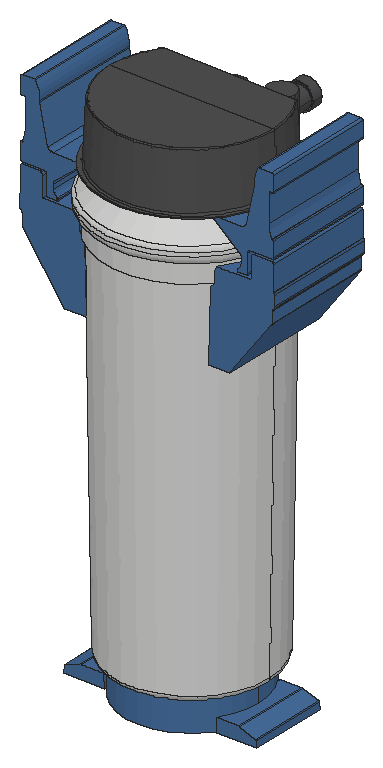
Revit family "DefaultType", category Specialty Equipment, Revit 2018
Family settings
  Round Connector Dimension = Use Diameter
  Part Type = Normal
  OmniClass Number = 23.40.40.14.24
  OmniClass Title = Food Dispensing Equipment
  Work Plane-Based = No
  Always vertical = Yes
  Cut with Voids When Loaded = No
  Shared = No
  Room Calculation Point = No
Parameters (values of type "DefaultType")
  Width = 0' - 9 205/256"  # constant formula
  Weight in Pounds = 26
  URL Cutsheet = "www.vivreauwater.com/purity_quell_st_spec-sheet_vivreau"
  URL = "www.vivreauwater.com/professional-filters"
  Status = ""
  Specification by User [instance] = ""
  Specification by Manufacturer = "Purity Quell ST 600 water filtration kit, includes 1 MDU filter head, vessel, filter cartridge. Capacity of 1940 gallons for coffee, espresso, vending.   Max operating pressure 100 psi, water intake temp 39-86 degrees Fahrenheit, Nominal flow 120 l/h.   Dimensions h/w  20.4/9.8in, weight dry/wet 26/33lbs, connection G1”, position horizontal and vertical.  Technology, decarbonization.  Systematic filter system, pre-filter, carbonate hardness reduction, activated carbon filtration and fine filtration."
  Serial Number [instance] = ""
  Seismic Rating = ""
  SMACNA No = ""
  Revision Code = ""
  Plumbing Remarks = ""
  Plumbing Connection Type = "NPT"
  NAFEM Spec ID Number = ""
  Mounting Height [instance] = 3' - 0"
  Model = "PURITY 600 Quell ST"
  Masterspec = "Division 11"
  Manufacturer = "Vivreau"
  KCLRef = "KCL2C9,,78231ec1-364d-4268-80cb-1ddd86d2b1f2,VI,PURITY 600 QUELL ST,637475599480000000,8e114d0b-1a72-44e3-9316-f1a5b439c265,f091dbfa-86dd-40d3-9bec-e4dba1ab7b32"
  KCL SpecSheet URL = "http://kclweb.kclcad.com/imagehandler.ashx?kdoc=mfr_purity_quell_st_spec%20sheet&R=VI&M=PURITY%20600%20QUELL%20ST&VC=7&TID=KCLWeb&T=doc"
  Item Number [instance] = ""
  Installed By [instance] = ""
  Identify Quantity as Lot = yes
  Height = 1' - 8 15/32"  # constant formula
  Furnished By [instance] = ""
  Foodservice Equipment Identifier = yes
  Description = "Water Filter"
  Depth = 0' - 8 189/256"  # constant formula
  Cold Water Temperature Recommended = 40 °F
  Cold Water Size = 1"
  Cold Water RI Height = 0' - 0"
  Cold Water Minimum Pressure = 29.00 psi
  Cold Water Maximum Pressure = 100.00 psi
  Cold Water Flow = 0.528 GPM
  Cold Water Connection Height = 1' - 9"
  CSI MasterFormat = "11 46 00"
  Assembly Code = "E1090320"
Reference planes (in)
  plane 1 "REF. LAYER": z = 0
  plane 2 "Center (Left/Right)": x = 3.40508
  plane 3 "Center (Front/Back)": y = -4.37586
  plane 4 "Center F/C": z = 56.46875
  plane 5 "Center F/X": x = -1.49531
  plane 6 "Center F/Y": x = 8.30547
  plane 7 "Center F/Z": z = 36
  plane 8 "Center F/AA": y = -8.745
  plane 9 "Center F/BB": y = -0.00672
  plane 10 "Center F/CC": z = 37.31266
  plane 11 "Center F/DD": z = 54.22322
  plane 12 "Center F/EE": z = 54.19172
  plane 13 "Center F/FF": y = -2.87586
  plane 14 "Center F/GG": y = -5.87586
  plane 15 "Center F/HH": z = 54.89788
  plane 16 "Center F/II": z = 54.27904
  plane 17 "Center F/KK": z = 55.51673
Forms (in)
  Revolve 1, solid, material "QF_Plastic-Blue-Vivreau"
    sketch origin (0, -4.37586, 0) x (1, 0, 0) y (0, 0, 1)
      loop
        line (3.40508, 36) -> (5.97445, 36) -> (5.97445, 37.31266) -> (3.40508, 37.31266) -> (3.40508, 36)
      axis (3.40508, 36) -> (3.40508, 37.31266)
    angle from 0 to 360
  Revolve 2, solid, material "QF_Plastic-Grey-Vivreau"
    sketch origin (0, -4.37586, 0) x (1, 0, 0) y (0, 0, 1)
      loop
        line (3.40508, 37.31266) -> (6.19553, 37.31266)
        arc (6.19553, 37.31266) -> (6.33366, 37.36926) -> (6.39235, 37.50651) r 0.19685
        line (6.39235, 37.50651) -> (6.61147, 51.86967) -> (6.73332, 51.86967) -> (6.75359, 52.67794) -> (6.88764, 52.67794)
        arc (6.88764, 52.67794) -> (6.98029, 52.80209) -> (7.01288, 52.95353) r 0.36376
        line (7.01288, 52.95353) -> (7.01247, 53.11101)
        arc (7.01247, 53.11101) -> (6.98747, 53.21075) -> (6.91877, 53.28725) r 0.21362
        line (6.91877, 53.28725) -> (6.01481, 54.04576)
        arc (6.01481, 54.04576) -> (5.94197, 54.09128) -> (5.85941, 54.11495) r 0.30856
        line (5.85941, 54.11495) -> (5.19074, 54.11495) -> (5.19074, 54.19172) -> (3.40508, 54.19172) -> (3.40508, 37.31266)
      axis (3.40508, 37.31266) -> (3.40508, 54.19172)
    angle from 0 to 360
  Extrusion 3, solid, material "QF_Plastic-Blue-Vivreau"
    sketch origin (0, 0, 0) x (1, 0, 0) y (0, 0, 1)
      loop
        line (-0.29307, 36) -> (1.2572, 36) -> (1.24125, 36.48689)
        arc (1.24125, 36.48689) -> (1.22919, 36.51409) -> (1.20161, 36.52526) r 0.03967
        line (1.20161, 36.52526) -> (0.38192, 36.52526)
        arc (0.38192, 36.52526) -> (0.36537, 36.52381) -> (0.34932, 36.51951) r 0.0953
        line (0.34932, 36.51951) -> (-0.26064, 36.2975)
        arc (-0.26064, 36.2975) -> (-0.28068, 36.28227) -> (-0.28856, 36.25836) r 0.04244
        line (-0.28856, 36.25836) -> (-0.29307, 36)
      loop
        line (7.10322, 36) -> (7.09871, 36.25836)
        arc (7.09871, 36.25836) -> (7.09083, 36.28227) -> (7.0708, 36.2975) r 0.04244
        line (7.0708, 36.2975) -> (6.46083, 36.51951)
        arc (6.46083, 36.51951) -> (6.44479, 36.52381) -> (6.42824, 36.52526) r 0.0953
        line (6.42824, 36.52526) -> (5.60855, 36.52526)
        arc (5.60855, 36.52526) -> (5.58096, 36.51409) -> (5.5689, 36.48689) r 0.03967
        line (5.5689, 36.48689) -> (5.55296, 36) -> (7.10322, 36)
    from 2.87586 to 5.87586
  Revolve 4, solid, material "QF_Plastic-Black-Vivreau"
    sketch origin (0, -4.37586, 0) x (1, 0, 0) y (0, 0, 1)
      loop
        line (-0.05949, 54.19172) -> (3.40508, 54.19172) -> (3.40508, 56.43582) -> (0.27485, 56.43582)
        arc (0.27485, 56.43582) -> (0.24813, 56.42475) -> (0.23706, 56.39803) r 0.03779
        line (0.23706, 56.39803) -> (0.1404, 54.28234)
        arc (0.1404, 54.28234) -> (0.12309, 54.24053) -> (0.08128, 54.22322) r 0.05912
        line (0.08128, 54.22322) -> (-0.05949, 54.22322) -> (-0.05949, 54.19172)
      axis (3.40508, 54.19172) -> (3.40508, 56.43582)
    angle from 0 to 360
  Extrusion 5, solid, material "QF_Plastic-Blue-Vivreau"
    sketch origin (0, 0, 0) x (1, 0, 0) y (0, 0, 1)
      loop
        arc (7.7262, 56.46875) -> (7.70259, 56.46603) -> (7.68354, 56.45183) r 0.04574
        arc (7.68354, 56.45183) -> (7.54403, 56.13793) -> (7.5313, 55.79466) r 0.90671
        arc (7.5313, 55.79466) -> (7.53617, 55.77748) -> (7.53673, 55.75963) r 0.07316
        line (7.53673, 55.75963) -> (7.21801, 54.33754)
        arc (7.21801, 54.33754) -> (7.14963, 54.22746) -> (7.02764, 54.18375) r 0.19685
        line (7.02764, 54.18375) -> (5.77764, 54.18375) -> (5.77764, 54.11866) -> (5.81752, 54.11866)
        arc (5.81752, 54.11866) -> (5.91966, 54.0996) -> (6.00952, 54.04744) r 0.30579
        line (6.00952, 54.04744) -> (6.91816, 53.28725)
        arc (6.91816, 53.28725) -> (6.98728, 53.21087) -> (7.01228, 53.11094) r 0.2122
        line (7.01228, 53.11094) -> (7.01228, 52.95406)
        arc (7.01228, 52.95406) -> (6.97783, 52.80322) -> (6.88703, 52.67794) r 0.38693
        arc (6.88703, 52.67794) -> (6.86734, 52.65513) -> (6.85345, 52.62839) r 0.12975
        arc (6.85345, 52.62839) -> (6.85899, 52.60379) -> (6.88258, 52.59487) r 0.0266
        line (6.88258, 52.59487) -> (7.22586, 52.59487)
        arc (7.22586, 52.59487) -> (7.25843, 52.60836) -> (7.27192, 52.64093) r 0.04606
        line (7.27192, 52.64093) -> (7.27192, 53.37893)
        arc (7.27192, 53.37893) -> (7.30162, 53.45063) -> (7.37332, 53.48033) r 0.1014
        line (7.37332, 53.48033) -> (8.18175, 53.48033)
        arc (8.18175, 53.48033) -> (8.2418, 53.50521) -> (8.26668, 53.56526) r 0.08493
        line (8.26668, 53.56526) -> (8.26668, 54.13032)
        arc (8.26668, 54.13032) -> (8.25535, 54.15767) -> (8.228, 54.169) r 0.03868
        line (8.228, 54.169) -> (8.17737, 54.16988)
        arc (8.17737, 54.16988) -> (8.11082, 54.42962) -> (8.08843, 54.6968) r 1.60535
        line (8.08843, 54.6968) -> (8.08843, 55.64626)
        arc (8.08843, 55.64626) -> (8.08825, 55.70794) -> (8.09701, 55.76899) r 0.42413
        line (8.09701, 55.76899) -> (8.228, 55.77127)
        arc (8.228, 55.77127) -> (8.25535, 55.7826) -> (8.26668, 55.80996) r 0.03868
        line (8.26668, 55.80996) -> (8.26668, 56.38194)
        arc (8.26668, 56.38194) -> (8.24361, 56.43762) -> (8.18793, 56.46069) r 0.07875
        line (8.18793, 56.46069) -> (7.7262, 56.46875)
      loop
        line (7.41305, 53.26515) -> (7.41305, 52.48394) -> (6.74812, 52.48394) -> (6.73272, 51.86967) -> (6.61087, 51.86967) -> (6.56694, 48.99036) -> (8.18624, 51.21912)
        arc (8.18624, 51.21912) -> (8.19742, 51.24108) -> (8.20127, 51.26541) r 0.07874
        line (8.20127, 51.26541) -> (8.20127, 51.69933)
        arc (8.20127, 51.69933) -> (8.2066, 51.72974) -> (8.22434, 51.75501) r 0.07094
        line (8.22434, 51.75501) -> (8.27664, 51.80731)
        arc (8.27664, 51.80731) -> (8.29371, 51.83286) -> (8.2997, 51.86299) r 0.07874
        line (8.2997, 51.86299) -> (8.2997, 52.28562)
        arc (8.2997, 52.28562) -> (8.29538, 52.32493) -> (8.27342, 52.35782) r 0.08328
        arc (8.27342, 52.35782) -> (8.26375, 52.37113) -> (8.26033, 52.38723) r 0.03957
        line (8.26033, 52.38723) -> (8.26033, 53.31719)
        arc (8.26033, 53.31719) -> (8.23946, 53.36758) -> (8.18906, 53.38845) r 0.07127
        line (8.18906, 53.38845) -> (7.53635, 53.38845)
        arc (7.53635, 53.38845) -> (7.44916, 53.35234) -> (7.41305, 53.26515) r 0.1233
    from 2.24988 to 6.50044
  Extrusion 6, solid, material "QF_Plastic-Blue-Vivreau"
    sketch origin (0, 0, 0) x (1, 0, 0) y (0, 0, 1)
      loop
        line (6.56694, 48.99036) -> (6.61087, 51.86967) -> (6.73272, 51.86967) -> (6.74812, 52.48394) -> (6.06942, 52.48394) -> (6.00438, 52.29502) -> (5.9903, 51.85808) -> (5.82155, 51.67878) -> (5.75103, 48.99036) -> (6.56694, 48.99036)
    from 2.24988 to 6.50044
  Extrusion 7, solid, material "QF_Plastic-Blue-Vivreau"
    sketch origin (6.81016, 0, 0) x (-1, 0, 0) y (0, 0, -1)
      loop
        line (7.7262, -56.46875) -> (8.18793, -56.46069)
        arc (8.18793, -56.46069) -> (8.24361, -56.43762) -> (8.26668, -56.38194) r 0.07875
        line (8.26668, -56.38194) -> (8.26668, -55.80996)
        arc (8.26668, -55.80996) -> (8.25535, -55.7826) -> (8.228, -55.77127) r 0.03868
        line (8.228, -55.77127) -> (8.09701, -55.76899)
        arc (8.09701, -55.76899) -> (8.08825, -55.70794) -> (8.08843, -55.64626) r 0.42413
        line (8.08843, -55.64626) -> (8.08843, -54.6968)
        arc (8.08843, -54.6968) -> (8.11082, -54.42962) -> (8.17737, -54.16988) r 1.60535
        line (8.17737, -54.16988) -> (8.228, -54.169)
        arc (8.228, -54.169) -> (8.25535, -54.15767) -> (8.26668, -54.13032) r 0.03868
        line (8.26668, -54.13032) -> (8.26668, -53.56526)
        arc (8.26668, -53.56526) -> (8.2418, -53.50521) -> (8.18175, -53.48033) r 0.08493
        line (8.18175, -53.48033) -> (7.37332, -53.48033)
        arc (7.37332, -53.48033) -> (7.30162, -53.45063) -> (7.27192, -53.37893) r 0.1014
        line (7.27192, -53.37893) -> (7.27192, -52.64093)
        arc (7.27192, -52.64093) -> (7.25843, -52.60836) -> (7.22586, -52.59487) r 0.04606
        line (7.22586, -52.59487) -> (6.88258, -52.59487)
        arc (6.88258, -52.59487) -> (6.85899, -52.60379) -> (6.85345, -52.62839) r 0.0266
        arc (6.85345, -52.62839) -> (6.86734, -52.65513) -> (6.88703, -52.67794) r 0.12975
        arc (6.88703, -52.67794) -> (6.97783, -52.80322) -> (7.01228, -52.95406) r 0.38693
        line (7.01228, -52.95406) -> (7.01228, -53.11094)
        arc (7.01228, -53.11094) -> (6.98728, -53.21087) -> (6.91816, -53.28725) r 0.2122
        line (6.91816, -53.28725) -> (6.00952, -54.04744)
        arc (6.00952, -54.04744) -> (5.91966, -54.0996) -> (5.81752, -54.11866) r 0.30579
        line (5.81752, -54.11866) -> (5.77764, -54.11866) -> (5.77764, -54.18375) -> (7.02764, -54.18375)
        arc (7.02764, -54.18375) -> (7.14963, -54.22746) -> (7.21801, -54.33754) r 0.19685
        line (7.21801, -54.33754) -> (7.53673, -55.75963)
        arc (7.53673, -55.75963) -> (7.53617, -55.77748) -> (7.5313, -55.79466) r 0.07316
        arc (7.5313, -55.79466) -> (7.54403, -56.13793) -> (7.68354, -56.45183) r 0.90671
        arc (7.68354, -56.45183) -> (7.70259, -56.46603) -> (7.7262, -56.46875) r 0.04574
      loop
        arc (7.41305, -53.26515) -> (7.44916, -53.35234) -> (7.53635, -53.38845) r 0.1233
        line (7.53635, -53.38845) -> (8.18906, -53.38845)
        arc (8.18906, -53.38845) -> (8.23946, -53.36758) -> (8.26033, -53.31719) r 0.07127
        line (8.26033, -53.31719) -> (8.26033, -52.38723)
        arc (8.26033, -52.38723) -> (8.26375, -52.37113) -> (8.27342, -52.35782) r 0.03957
        arc (8.27342, -52.35782) -> (8.29538, -52.32493) -> (8.2997, -52.28562) r 0.08328
        line (8.2997, -52.28562) -> (8.2997, -51.86299)
        arc (8.2997, -51.86299) -> (8.29371, -51.83286) -> (8.27664, -51.80731) r 0.07874
        line (8.27664, -51.80731) -> (8.22434, -51.75501)
        arc (8.22434, -51.75501) -> (8.2066, -51.72974) -> (8.20127, -51.69933) r 0.07094
        line (8.20127, -51.69933) -> (8.20127, -51.26541)
        arc (8.20127, -51.26541) -> (8.19742, -51.24108) -> (8.18624, -51.21912) r 0.07874
        line (8.18624, -51.21912) -> (6.56694, -48.99036) -> (6.61087, -51.86967) -> (6.73272, -51.86967) -> (6.74812, -52.48394) -> (7.41305, -52.48394) -> (7.41305, -53.26515)
    from 2.24988 to 6.50044
  Extrusion 8, solid, material "QF_Plastic-Blue-Vivreau"
    sketch origin (6.81016, 0, 0) x (-1, 0, 0) y (0, 0, -1)
      loop
        line (6.56694, -48.99036) -> (5.75103, -48.99036) -> (5.82155, -51.67878) -> (5.9903, -51.85808) -> (6.00438, -52.29502) -> (6.06942, -52.48394) -> (6.74812, -52.48394) -> (6.73272, -51.86967) -> (6.61087, -51.86967) -> (6.56694, -48.99036)
    from 2.24988 to 6.50044
  Extrusion 9, void
    sketch origin (0, 0, 0) x (1, 0, 0) y (0, 1, 0)
      loop
        line (6.34603, -2.54446) -> (6.34603, -2.51065)
        arc (6.34603, -2.51065) -> (3.40508, -0.8933) -> (0.46413, -2.51065) r 3.48256
        line (0.46413, -2.51065) -> (0.46413, -2.54446) -> (6.34603, -2.54446)
    from 54.19172 to 56.46875
  Revolve 10, solid, material "QF_Plastic-Black-Vivreau"
    sketch origin (-16.04659, -180, 54.89788) x (-1, 0, 0) y (0, -1, 0)
      loop
        line (-18.66447, -178.98241) -> (-18.14378, -178.98241) -> (-18.14378, -178.31312) -> (-17.91664, -178.31312) -> (-17.91664, -177.43882) -> (-18.66447, -177.43882) -> (-18.66447, -178.98241)
      axis (-18.66447, -177.43882) -> (-18.66447, -178.98241)
    angle from 0 to 360
  Revolve 11, solid, material "QF_Plastic-Black-Vivreau"
    sketch origin (-16.04659, -180, 54.89788) x (-1, 0, 0) y (0, -1, 0)
      loop
        line (-20.23907, -180.24619) -> (-19.85522, -180.24619)
        arc (-19.85522, -180.24619) -> (-19.82738, -180.23756) -> (-19.8093, -180.21469) r 0.04921
        line (-19.8093, -180.21469) -> (-19.71858, -180.21469) -> (-19.71858, -179.82099) -> (-19.77984, -179.82099)
        arc (-19.77984, -179.82099) -> (-19.79806, -179.81827) -> (-19.80628, -179.80178) r 0.01995
        line (-19.80628, -179.80178) -> (-19.78923, -178.82529) -> (-19.63744, -178.3792)
        arc (-19.63744, -178.3792) -> (-19.62323, -178.35997) -> (-19.60052, -178.35249) r 0.03941
        line (-19.60052, -178.35249) -> (-19.5337, -178.35249) -> (-19.49194, -178.30445) -> (-19.49194, -177.4426) -> (-20.23907, -177.4426) -> (-20.23907, -180.24619)
      axis (-20.23907, -177.4426) -> (-20.23907, -180.24619)
    angle from 0 to 360
  Extrusion 12, solid, material "QF_Plastic-Black-Vivreau"
    sketch origin (0, 0, 0) x (1, 0, 0) y (0, 1, 0)
      loop
        circle (4.19248, -1.05696) r 0.52165
    from 54.27904 to 55.51673
Cuts and joins
  joined: Extrusion 5, Extrusion 6
  Extrusion 9 cuts Revolve 4
  joined: Extrusion 7, Extrusion 8
Lines and regions (in)
  symbolic lines
    curve 1: arc (3.74858, -0.78474, 0) -> (1.9176, -1.08929, 0) -> (0.48041, -2.26389, 0) r 3.60751
    curve 2: arc (2.09718, -1.49043, 0) -> (0.24836, -4.10863, 0) -> (1.63074, -7.00036, 0) r 3.16801
    curve 3: arc (2.09718, -1.14823, 0) -> (1.29031, -1.60892, 0) -> (0.63396, -2.26657, 0) r 3.48256
    curve 4: line (1.87004, -1.68688, 0) -> (1.87004, -2.36799, 0)
    curve 5: line (1.87004, -1.68688, 0) -> (3.36571, -1.68688, 0)
    curve 6: line (3.36571, -1.68688, 0) -> (3.36571, -2.36799, 0)
    curve 7: line (2.09718, -1.01759, 0) -> (2.09718, -1.68688, 0)
    curve 8: line (2.09718, -1.01759, 0) -> (3.13857, -1.01759, 0)
    curve 9: line (3.13857, -1.01759, 0) -> (3.13857, -1.68688, 0)
    curve 10: line (3.44535, -1.69555, 0) -> (3.44535, -2.36799, 0)
    curve 11: line (3.44535, -1.69555, 0) -> (3.48711, -1.64751, 0)
    curve 12: line (3.55392, -1.64751, 0) -> (3.48711, -1.64751, 0)
    curve 13: line (3.71287, -1.26214, 0) -> (3.59257, -1.61554, 0)
    curve 14: arc (3.55392, -1.64751, 0) -> (3.579, -1.63848, 0) -> (3.59257, -1.61554, 0) r 0.03934
    curve 15: circle (4.19248, -1.05696, 0) r 0.52165 normal (0, 0, 1)
    curve 16: line (3.67199, 0.21469, 0) -> (3.67199, -0.17901, 0)
    curve 17: line (3.67199, -0.17901, 0) -> (4.71297, -0.17901, 0)
    curve 18: line (3.67199, 0.21469, 0) -> (4.71297, 0.21469, 0)
    curve 19: line (4.71297, 0.21469, 0) -> (4.71297, -0.17901, 0)
    curve 20: line (3.80795, 0.24628, 0) -> (4.57678, 0.24628, 0)
    curve 21: arc (3.76284, 0.21469, 0) -> (3.7804, 0.23763, 0) -> (3.80795, 0.24628, 0) r 0.04786
    curve 22: arc (4.62189, 0.21469, 0) -> (4.60408, 0.23726, 0) -> (4.57678, 0.24628, 0) r 0.04998
    curve 23: line (4.93961, -1.69555, 0) -> (4.93961, -2.36799, 0)
    curve 24: line (4.93961, -1.69555, 0) -> (4.89785, -1.64751, 0)
    curve 25: line (4.83103, -1.64751, 0) -> (4.89785, -1.64751, 0)
    curve 26: line (4.67209, -1.26215, 0) -> (4.79239, -1.61554, 0)
    curve 27: arc (4.83103, -1.64751, 0) -> (4.80596, -1.63848, 0) -> (4.79239, -1.61554, 0) r 0.03934
    curve 28: arc (3.73513, -0.17901, 0) -> (3.75213, -0.18412, 0) -> (3.76011, -0.19997, 0) r 0.02246
    curve 29: line (3.76011, -0.19997, 0) -> (3.74858, -0.78474, 0)
    curve 30: arc (4.64983, -0.17901, 0) -> (4.63283, -0.18412, 0) -> (4.62484, -0.19997, 0) r 0.02246
    curve 31: line (4.62484, -0.19997, 0) -> (4.63634, -0.7829, 0)
    curve 32: arc (3.69741, -1.22136, 0) -> (3.41804, -1.20787, 0) -> (3.13857, -1.21908, 0) r 3.16801
    curve 33: arc (3.69337, -0.90526, 0) -> (3.08324, -0.90821, 0) -> (2.48299, -1.01759, 0) r 3.48256
    curve 34: spline (-1.42052, -2.29203, 0) -> (-1.42965, -2.29279, 0) -> (-1.43862, -2.29471, 0) -> (-1.44725, -2.29778, 0) -> (-1.45543, -2.30193, 0) -> (-1.46299, -2.30711, 0) -> (-1.46983, -2.31322, 0) -> (-1.47581, -2.32016, 0) -> (-1.48086, -2.32781, 0) -> (-1.48487, -2.33606, 0) -> (-1.48779, -2.34475, 0) -> (-1.48955, -2.35374, 0) -> (-1.49015, -2.36289, 0)
    curve 35: spline (-1.42052, -6.45968, 0) -> (-1.42965, -6.45893, 0) -> (-1.43862, -6.45701, 0) -> (-1.44726, -6.45394, 0) -> (-1.45543, -6.44978, 0) -> (-1.46299, -6.44461, 0) -> (-1.46983, -6.4385, 0) -> (-1.47582, -6.43156, 0) -> (-1.48086, -6.4239, 0) -> (-1.48487, -6.41566, 0) -> (-1.48779, -6.40697, 0) -> (-1.48955, -6.39798, 0) -> (-1.49015, -6.38883, 0)
    curve 36: line (-1.42052, -6.45969, 0) -> (-1.17037, -6.46406, 0)
    curve 37: spline (-1.17037, -6.46406, 0) -> (-1.16662, -6.46897, 0) -> (-1.16251, -6.47357, 0) -> (-1.15804, -6.47783, 0) -> (-1.15326, -6.48174, 0) -> (-1.14819, -6.48525, 0) -> (-1.14285, -6.48836, 0) -> (-1.13729, -6.49104, 0) -> (-1.13153, -6.49328, 0) -> (-1.12562, -6.49505, 0) -> (-1.11959, -6.49636, 0) -> (-1.11347, -6.49719, 0) -> (-1.10731, -6.49755, 0)
    curve 38: line (-1.1073, -6.49755, 0) -> (-0.59429, -6.50654, 0)
    curve 39: line (-0.59429, -6.50654, 0) -> (1.05141, -6.47788, 0)
    curve 40: line (-1.49015, -6.38883, 0) -> (-1.49015, -2.36289, 0)
    curve 41: line (-1.42052, -2.29203, 0) -> (-1.17037, -2.28766, 0)
    curve 42: spline (-1.17037, -2.28766, 0) -> (-1.16662, -2.28275, 0) -> (-1.16251, -2.27815, 0) -> (-1.15804, -2.27388, 0) -> (-1.15326, -2.26998, 0) -> (-1.14819, -2.26647, 0) -> (-1.14285, -2.26336, 0) -> (-1.13729, -2.26068, 0) -> (-1.13153, -2.25844, 0) -> (-1.12562, -2.25667, 0) -> (-1.11959, -2.25536, 0) -> (-1.11347, -2.25452, 0) -> (-1.10731, -2.25417, 0)
    curve 43: line (-1.1073, -2.25417, 0) -> (-0.59429, -2.24518, 0)
    curve 44: line (-0.59429, -2.24518, 0) -> (1.45538, -2.28088, 0)
    curve 45: arc (1.63348, -6.99631, 0) -> (1.73868, -7.04659, 0) -> (1.85398, -7.06385, 0) r 0.3937
    curve 46: line (-0.72742, -2.28986, 0) -> (-0.72742, -6.46185, 0)
    curve 47: arc (-0.72742, -6.46185, 0) -> (-0.73961, -6.49129, 0) -> (-0.76905, -6.50348, 0) r 0.04162
    curve 48: arc (-0.72742, -2.28986, 0) -> (-0.73961, -2.26043, 0) -> (-0.76905, -2.24824, 0) r 0.04162
    curve 49: line (1.45538, -2.28088, 0) -> (1.45538, -2.36799, 0)
    curve 50: arc (5.17668, -6.99631, 0) -> (5.07148, -7.04659, 0) -> (4.95617, -7.06385, 0) r 0.3937
    curve 51: line (5.35477, -2.28519, 0) -> (5.35477, -2.36799, 0)
    curve 52: spline (8.23067, -2.29203, 0) -> (8.23981, -2.29279, 0) -> (8.24877, -2.29471, 0) -> (8.25741, -2.29778, 0) -> (8.26558, -2.30193, 0) -> (8.27315, -2.30711, 0) -> (8.27998, -2.31322, 0) -> (8.28597, -2.32016, 0) -> (8.29101, -2.32781, 0) -> (8.29503, -2.33606, 0) -> (8.29794, -2.34475, 0) -> (8.29971, -2.35374, 0) -> (8.3003, -2.36289, 0)
    curve 53: spline (8.23067, -6.45968, 0) -> (8.23981, -6.45893, 0) -> (8.24877, -6.45701, 0) -> (8.25741, -6.45394, 0) -> (8.26558, -6.44978, 0) -> (8.27315, -6.44461, 0) -> (8.27998, -6.4385, 0) -> (8.28597, -6.43156, 0) -> (8.29101, -6.4239, 0) -> (8.29503, -6.41566, 0) -> (8.29794, -6.40697, 0) -> (8.29971, -6.39798, 0) -> (8.3003, -6.38883, 0)
    curve 54: line (8.23067, -6.45969, 0) -> (7.98052, -6.46406, 0)
    curve 55: line (7.91746, -6.49755, 0) -> (7.40444, -6.50654, 0)
    curve 56: line (7.40444, -6.50654, 0) -> (5.75874, -6.47788, 0)
    curve 57: line (8.3003, -6.38883, 0) -> (8.3003, -2.36289, 0)
    curve 58: line (8.23067, -2.29203, 0) -> (7.98052, -2.28766, 0)
    curve 59: line (7.91746, -2.25417, 0) -> (7.40444, -2.24518, 0)
    curve 60: line (7.40444, -2.24518, 0) -> (5.35477, -2.28088, 0)
    curve 61: line (7.53758, -2.28986, 0) -> (7.53758, -6.46185, 0)
    curve 62: arc (7.53758, -6.46185, 0) -> (7.54977, -6.49129, 0) -> (7.5792, -6.50348, 0) r 0.04162
    curve 63: arc (7.53758, -2.28986, 0) -> (7.54977, -2.26043, 0) -> (7.5792, -2.24824, 0) r 0.04162
    curve 64: line (1.45538, -2.36799, 0) -> (5.35477, -2.36799, 0)
    curve 65: spline (7.98052, -6.46406, 0) -> (7.97678, -6.46897, 0) -> (7.97266, -6.47357, 0) -> (7.9682, -6.47783, 0) -> (7.96342, -6.48174, 0) -> (7.95834, -6.48525, 0) -> (7.95301, -6.48836, 0) -> (7.94744, -6.49104, 0) -> (7.94169, -6.49328, 0) -> (7.93578, -6.49505, 0) -> (7.92974, -6.49636, 0) -> (7.92363, -6.49719, 0) -> (7.91746, -6.49755, 0)
    curve 66: spline (7.98052, -2.28766, 0) -> (7.97678, -2.28275, 0) -> (7.97266, -2.27815, 0) -> (7.9682, -2.27388, 0) -> (7.96342, -2.26998, 0) -> (7.95834, -2.26647, 0) -> (7.95301, -2.26336, 0) -> (7.94744, -2.26068, 0) -> (7.94169, -2.25844, 0) -> (7.93578, -2.25667, 0) -> (7.92974, -2.25536, 0) -> (7.92363, -2.25452, 0) -> (7.91746, -2.25417, 0)
    curve 67: line (1.85398, -7.06385, 0) -> (4.95617, -7.06385, 0)
    curve 68: arc (0.48041, -6.48782, 0) -> (3.40508, -7.98337, 0) -> (6.32975, -6.48782, 0) r 3.60751
    curve 69: arc (0.63396, -6.48515, 0) -> (3.40508, -7.85842, 0) -> (6.1762, -6.48515, 0) r 3.48256
    curve 70: arc (6.1762, -2.26657, 0) -> (5.51709, -1.60682, 0) -> (4.70654, -1.14563, 0) r 3.48256
    curve 71: arc (5.17942, -7.00036, 0) -> (6.56374, -4.13262, 0) -> (4.75668, -1.51064, 0) r 3.16801
    curve 72: arc (6.32975, -2.26389, 0) -> (5.61146, -1.52174, 0) -> (4.71232, -1.01354, 0) r 3.60751
  symbolic lines, style "InvisibleLines"
    curve 73: line (-1.49531, 0, 0) -> (8.30547, 0, 0)
Dimensions and locks (in)
  "Height": plane 4 "Center F/C" to plane 7 "Center F/Z"
  "Mounting Height": plane 7 "Center F/Z" to plane 1 "REF. LAYER"
  "Width": plane 5 "Center F/X" to plane 6 "Center F/Y"
  "Depth": plane 9 "Center F/BB" to plane 8 "Center F/AA"
  equal spacing: plane 5 "Center F/X", plane 2 "Center (Left/Right)", plane 6 "Center F/Y"
  equal spacing: plane 9 "Center F/BB", plane 3 "Center (Front/Back)", plane 8 "Center F/AA"
  locked: plane 14 "Center F/GG" to plane 3 "Center (Front/Back)" at 1.5
  locked: plane 3 "Center (Front/Back)" to plane 13 "Center F/FF" at 1.5
  plane 17 "Center F/KK" to plane 15 "Center F/HH" to plane 16 "Center F/II" to plane 11 "Center F/DD" to plane 12 "Center F/EE" to plane 10 "Center F/CC" to plane 7 "Center F/Z" = 0' - 0.61885" locked, 0' - 0.61885" locked, 0' - 0.05582" locked, 0' - 0.0315" locked, 1' - 4.87906" locked, 0' - 1.31266" locked
  aligned and locked: level to plane 1 "REF. LAYER"
  aligned and locked: Revolve 2 sketch curve to plane 12 "Center F/EE"
  aligned and locked: Revolve 2 sketch curve to plane 10 "Center F/CC"
  aligned and locked: Extrusion 3 to plane 14 "Center F/GG"
  aligned and locked: Extrusion 3 to plane 13 "Center F/FF"
  aligned and locked: plane 4 "Center F/C" to Extrusion 9
  aligned and locked: Extrusion 9 to plane 12 "Center F/EE"
  aligned and locked: Extrusion 12 to plane 17 "Center F/KK"
  aligned and locked: Extrusion 12 to plane 16 "Center F/II"
  aligned and locked: plane 5 "Center F/X" to curve 73
  aligned and locked: plane 6 "Center F/Y" to curve 73
  aligned and locked: curve 73 to plane 1 "REF. LAYER"
Automatic sketch dimensions
  Revolve 1 sketch curve to plane 2 "Center (Left/Right)" = 0' - 0"  (x2)
  Revolve 1 sketch curve to plane 10 "Center F/CC" = 0' - 0"
  Revolve 1 sketch curve to plane 7 "Center F/Z" = 0' - 0"  (x2)
  plane 6 "Center F/Y" to Revolve 1 sketch curve = 0' - 2.33102"
  Revolve 1 sketch curve to Revolve 1 sketch curve = 0' - 0.93734"
  Extrusion 3 sketch curve to plane 7 "Center F/Z" = 0' - 0"  (x2)
  plane 5 "Center F/X" to Extrusion 3 sketch curve = 0' - 1.20225"
  plane 7 "Center F/Z" to Extrusion 3 sketch curve = 0' - 0.25836"  (x2)
  Extrusion 3 sketch curve to Extrusion 3 sketch curve = 0' - 0.00451"  (x2)
  plane 7 "Center F/Z" to Extrusion 3 sketch curve = 0' - 0.2975"  (x2)
  Extrusion 3 sketch curve to Extrusion 3 sketch curve = 0' - 0.02792"
  Extrusion 3 sketch curve to Extrusion 3 sketch curve = 0' - 0.01451"  (x2)
  plane 7 "Center F/Z" to Extrusion 3 sketch curve = 0' - 0.51951"  (x2)
  Extrusion 3 sketch curve to Extrusion 3 sketch curve = 0' - 0.60996"
  Extrusion 3 sketch curve to Extrusion 3 sketch curve = 0' - 0.03259"  (x2)
  Extrusion 3 sketch curve to Extrusion 3 sketch curve = 0' - 0.81969"  (x2)
  plane 7 "Center F/Z" to Extrusion 3 sketch curve = 0' - 0.48689"  (x2)
  Extrusion 3 sketch curve to Extrusion 3 sketch curve = 0' - 0.03965"  (x2)
  Extrusion 3 sketch curve to Extrusion 3 sketch curve = 0' - 0.01594"  (x2)
  plane 2 "Center (Left/Right)" to Extrusion 3 sketch curve = 0' - 2.14788"
  plane 7 "Center F/Z" to Extrusion 3 sketch curve = 0' - 0.42996"
  plane 7 "Center F/Z" to Extrusion 3 sketch curve = 0' - 0.25762"
  Extrusion 3 sketch curve to Extrusion 3 sketch curve = 0' - 0.59545"
  Extrusion 3 sketch curve to Extrusion 3 sketch curve = 0' - 0.08955"
  plane 2 "Center (Left/Right)" to Extrusion 12 sketch curve = 0' - 0.7874"
  Extrusion 12 sketch curve to plane 9 "Center F/BB" = 0' - 1.05024"
  Revolve 2 sketch curve to plane 2 "Center (Left/Right)" = 0' - 0"  (x2)
  Revolve 2 sketch curve to plane 10 "Center F/CC" = 0' - 0"
  Revolve 2 sketch curve to plane 12 "Center F/EE" = 0' - 0.07677"
  plane 2 "Center (Left/Right)" to Revolve 2 sketch curve = 0' - 1.78566"
  Revolve 2 sketch curve to Revolve 2 sketch curve = 0' - 0.62573"
  Revolve 2 sketch curve to Revolve 2 sketch curve = 0' - 0.04294"
  Revolve 2 sketch curve to plane 12 "Center F/EE" = 0' - 0.14596"
  Revolve 2 sketch curve to Revolve 2 sketch curve = 0' - 0.1554"
  plane 6 "Center F/Y" to Revolve 2 sketch curve = 0' - 2.10994"
  plane 10 "Center F/CC" to Revolve 2 sketch curve = 0' - 0.19385"
  Revolve 2 sketch curve to Revolve 2 sketch curve = 0' - 0.19683"
  plane 6 "Center F/Y" to Revolve 2 sketch curve = 0' - 1.694"
  Revolve 2 sketch curve to Revolve 2 sketch curve = 0' - 0.03765"
  Revolve 2 sketch curve to Revolve 2 sketch curve = 0' - 0.12185"
  Revolve 2 sketch curve to Revolve 2 sketch curve = 0' - 0.10447"
  Revolve 2 sketch curve to Revolve 2 sketch curve = 0' - 0.14973"
  Revolve 2 sketch curve to Revolve 2 sketch curve = 0' - 0.13404"
  Revolve 2 sketch curve to Revolve 2 sketch curve = 0' - 0.11991"
  Revolve 2 sketch curve to plane 12 "Center F/EE" = 0' - 1.08071"
  Revolve 2 sketch curve to Revolve 2 sketch curve = 0' - 0.09371"
  Revolve 2 sketch curve to Revolve 2 sketch curve = 0' - 0.00041"
  Revolve 2 sketch curve to Revolve 2 sketch curve = 0' - 1.24134"
  Revolve 2 sketch curve to Revolve 2 sketch curve = 0' - 0.43307"
  Revolve 2 sketch curve to Revolve 2 sketch curve = 0' - 0.27465"
  Revolve 2 sketch curve to Revolve 2 sketch curve = 0' - 0.00055"
  Revolve 2 sketch curve to Revolve 2 sketch curve = 0' - 3.55701"
  Revolve 4 sketch curve to plane 12 "Center F/EE" = 0' - 0"  (x2)
  Revolve 4 sketch curve to plane 11 "Center F/DD" = 0' - 0"
  Revolve 4 sketch curve to plane 2 "Center (Left/Right)" = 0' - 0"  (x2)
  Revolve 4 sketch curve to plane 4 "Center F/C" = 0' - 0.03293"
  plane 5 "Center F/X" to Revolve 4 sketch curve = 0' - 1.77016"
  Revolve 4 sketch curve to plane 4 "Center F/C" = 0' - 0.07072"
  plane 16 "Center F/II" to Revolve 4 sketch curve = 0' - 0.0033"
  plane 5 "Center F/X" to Revolve 4 sketch curve = 0' - 1.63571"
  Revolve 4 sketch curve to Revolve 4 sketch curve = 0' - 0.14077"
  plane 4 "Center F/C" to Revolve 4 sketch curve = 0' - 0.6229"
  Extrusion 5 sketch curve to plane 4 "Center F/C" = 0' - 0"
  Extrusion 5 sketch curve to plane 12 "Center F/EE" = 0' - 0.00797"
  plane 2 "Center (Left/Right)" to Extrusion 5 sketch curve = 0' - 2.37256"
  Extrusion 5 sketch curve to Extrusion 5 sketch curve = 0' - 0.03566"
  Extrusion 5 sketch curve to Extrusion 5 sketch curve = 0' - 0.03988"
  Extrusion 5 sketch curve to plane 12 "Center F/EE" = 0' - 0.14429"
  Extrusion 5 sketch curve to Extrusion 5 sketch curve = 0' - 0.192"
  plane 6 "Center F/Y" to Extrusion 5 sketch curve = 0' - 1.73853"
  plane 6 "Center F/Y" to Extrusion 5 sketch curve = 0' - 1.6946"
  Extrusion 5 sketch curve to Extrusion 5 sketch curve = 0' - 0.01458"
  Extrusion 5 sketch curve to Extrusion 5 sketch curve = 0' - 0.12185"
  Extrusion 5 sketch curve to Extrusion 5 sketch curve = 0' - 0.12268"
  Extrusion 5 sketch curve to Extrusion 5 sketch curve = 0' - 0.17463"
  Extrusion 5 sketch curve to Extrusion 5 sketch curve = 0' - 0.13094"
  Extrusion 5 sketch curve to Extrusion 5 sketch curve = 0' - 0.00352"
  Extrusion 5 sketch curve to Extrusion 5 sketch curve = 0' - 0.11809"
  Extrusion 5 sketch curve to Extrusion 5 sketch curve = 0' - 0.09216"
  Extrusion 5 sketch curve to Extrusion 5 sketch curve = 0' - 0.2122"
  plane 16 "Center F/II" to Extrusion 5 sketch curve = 0' - 0 13/128"
  Extrusion 5 sketch curve to Extrusion 5 sketch curve = 0' - 1.01641"
  Extrusion 5 sketch curve to Extrusion 5 sketch curve = 0' - 0.00171"
  plane 16 "Center F/II" to Extrusion 5 sketch curve = 0' - 0.0585"
  Extrusion 5 sketch curve to Extrusion 5 sketch curve = 0' - 0.25111"
  Extrusion 5 sketch curve to Extrusion 5 sketch curve = 0' - 0.04606"
  Extrusion 5 sketch curve to Extrusion 5 sketch curve = 0' - 0.1014"
  Extrusion 5 sketch curve to Extrusion 5 sketch curve = 0' - 0.14113"
  Extrusion 5 sketch curve to plane 17 "Center F/KK" = 0' - 0.24956"
  plane 6 "Center F/Y" to Extrusion 5 sketch curve = 0' - 0.8416"
  Extrusion 5 sketch curve to Extrusion 5 sketch curve = 0' - 0.16302"
  Extrusion 5 sketch curve to plane 17 "Center F/KK" = 0' - 0.2429"
  Extrusion 5 sketch curve to Extrusion 5 sketch curve = 0' - 0.07286"
  Extrusion 5 sketch curve to plane 4 "Center F/C" = 0' - 0.04525"
  plane 6 "Center F/Y" to Extrusion 5 sketch curve = 0' - 0.58601"
  Extrusion 5 sketch curve to Extrusion 5 sketch curve = 0' - 0.00674"
  plane 6 "Center F/Y" to Extrusion 5 sketch curve = 0' - 0.21704"
  Extrusion 5 sketch curve to Extrusion 5 sketch curve = 0' - 0.00858"
  plane 6 "Center F/Y" to Extrusion 5 sketch curve = 0' - 0.18293"
  Extrusion 5 sketch curve to plane 12 "Center F/EE" = 0' - 0.02184"
  plane 6 "Center F/Y" to Extrusion 5 sketch curve = 0' - 0.1281"
  plane 6 "Center F/Y" to Extrusion 5 sketch curve = 0' - 0.12372"
  Extrusion 5 sketch curve to Extrusion 5 sketch curve = 0' - 0.0637"
  plane 6 "Center F/Y" to Extrusion 5 sketch curve = 0' - 0.11754"
  Extrusion 5 sketch curve to Extrusion 5 sketch curve = 0' - 0.00731"
  Extrusion 5 sketch curve to Extrusion 5 sketch curve = 0' - 0.01504"
  plane 6 "Center F/Y" to Extrusion 5 sketch curve = 0' - 0.08834"
  plane 6 "Center F/Y" to Extrusion 5 sketch curve = 0' - 0.08451"
  Extrusion 5 sketch curve to Extrusion 5 sketch curve = 0' - 0.02306"
  Extrusion 5 sketch curve to plane 12 "Center F/EE" = 0' - 0.02272"
  Extrusion 5 sketch curve to Extrusion 5 sketch curve = 0' - 0.05063"
  plane 6 "Center F/Y" to Extrusion 5 sketch curve = 0' - 0.07747"
  plane 6 "Center F/Y" to Extrusion 5 sketch curve = 0' - 0.04514"
  plane 6 "Center F/Y" to Extrusion 5 sketch curve = 0' - 0.03879"  (x2)
  plane 6 "Center F/Y" to Extrusion 5 sketch curve = 0' - 0.03333"
  plane 6 "Center F/Y" to Extrusion 5 sketch curve = 0' - 0.02883"
  plane 6 "Center F/Y" to Extrusion 5 sketch curve = 0' - 0.00577"
  plane 6 "Center F/Y" to Extrusion 5 sketch curve = 0' - 0.00557"
  Extrusion 5 sketch curve to plane 6 "Center F/Y" = 0' - 0.12189"
  Extrusion 5 sketch curve to plane 6 "Center F/Y" = 0' - 0.20588"
  Extrusion 5 sketch curve to plane 15 "Center F/HH" = 0' - 0.20108"
  Extrusion 5 sketch curve to Extrusion 5 sketch curve = 0' - 0.23454"
  Extrusion 5 sketch curve to Extrusion 5 sketch curve = 0' - 0.56506"
  Extrusion 5 sketch curve to Extrusion 5 sketch curve = 0' - 0.00952"
  Extrusion 5 sketch curve to Extrusion 5 sketch curve = 0' - 0.09168"
  Extrusion 5 sketch curve to Extrusion 5 sketch curve = 0' - 0.14789"
  Extrusion 5 sketch curve to Extrusion 5 sketch curve = 0' - 0.15688"
  Extrusion 5 sketch curve to Extrusion 5 sketch curve = 0' - 0.31313"
  Extrusion 5 sketch curve to Extrusion 5 sketch curve = 0' - 0.02636"
  Extrusion 5 sketch curve to Extrusion 5 sketch curve = 0' - 0.01254"
  Extrusion 5 sketch curve to Extrusion 5 sketch curve = 0' - 0.11094"
  Extrusion 5 sketch curve to Extrusion 5 sketch curve = 0' - 0.09671"
  Extrusion 5 sketch curve to Extrusion 5 sketch curve = 0' - 0.09078"
  Extrusion 5 sketch curve to Extrusion 5 sketch curve = 0' - 0.01083"
  Extrusion 5 sketch curve to Extrusion 5 sketch curve = 0' - 0.61426"
  Extrusion 5 sketch curve to Extrusion 5 sketch curve = 0' - 0.42263"
  Extrusion 5 sketch curve to Extrusion 5 sketch curve = 0' - 0.0523"
  Extrusion 5 sketch curve to Extrusion 5 sketch curve = 0' - 0.05242"
  Extrusion 5 sketch curve to Extrusion 5 sketch curve = 0' - 0.43393"
  Extrusion 5 sketch curve to Extrusion 5 sketch curve = 0' - 2.22877"
  Extrusion 5 sketch curve to plane 17 "Center F/KK" = 0' - 0.12953"
  Extrusion 5 sketch curve to plane 17 "Center F/KK" = 0' - 0.16162"
  Extrusion 5 sketch curve to Extrusion 5 sketch curve = 0' - 0.00229"
  Extrusion 5 sketch curve to Extrusion 5 sketch curve = 0' - 0.12336"
  Extrusion 5 sketch curve to plane 4 "Center F/C" = 0' - 0.08681"
  Extrusion 5 sketch curve to Extrusion 5 sketch curve = 0' - 0.02562"
  Extrusion 5 sketch curve to Extrusion 5 sketch curve = 0' - 0.00542"
  plane 2 "Center (Left/Right)" to Extrusion 6 sketch curve = 0' - 2.34595"
  plane 2 "Center (Left/Right)" to Extrusion 6 sketch curve = 0' - 2.41648"
  Extrusion 6 sketch curve to Extrusion 6 sketch curve = 0' - 0.16874"
  Extrusion 6 sketch curve to Extrusion 6 sketch curve = 0' - 0.01408"
  Extrusion 6 sketch curve to Extrusion 6 sketch curve = 0' - 0.06505"
  Extrusion 6 sketch curve to Extrusion 6 sketch curve = 0' - 0.81592"
  Extrusion 6 sketch curve to Extrusion 6 sketch curve = 0' - 0.62057"
  Extrusion 6 sketch curve to Extrusion 6 sketch curve = 0' - 0.12185"
  Extrusion 6 sketch curve to Extrusion 6 sketch curve = 0' - 0.0154"
  Extrusion 6 sketch curve to plane 12 "Center F/EE" = 0' - 5.20137"
  Extrusion 6 sketch curve to plane 12 "Center F/EE" = 0' - 2.51294"
  Extrusion 6 sketch curve to Extrusion 6 sketch curve = 0' - 0.1793"
  Extrusion 6 sketch curve to Extrusion 6 sketch curve = 0' - 0.01159"
  Extrusion 6 sketch curve to Extrusion 6 sketch curve = 0' - 0.43694"
  Extrusion 6 sketch curve to Extrusion 6 sketch curve = 0' - 0.61426"
  Extrusion 7 sketch curve to plane 4 "Center F/C" = 0' - 0"
  Extrusion 7 sketch curve to plane 12 "Center F/EE" = 0' - 0.00797"
  Extrusion 7 sketch curve to plane 2 "Center (Left/Right)" = 0' - 2.37256"
  Extrusion 7 sketch curve to Extrusion 7 sketch curve = 0' - 0.03566"
  Extrusion 7 sketch curve to Extrusion 7 sketch curve = 0' - 0.03988"
  Extrusion 7 sketch curve to plane 12 "Center F/EE" = 0' - 0.14429"
  Extrusion 7 sketch curve to Extrusion 7 sketch curve = 0' - 0.192"
  plane 5 "Center F/X" to Extrusion 7 sketch curve = 0' - 1.73853"
  plane 5 "Center F/X" to Extrusion 7 sketch curve = 0' - 1.6946"
  Extrusion 7 sketch curve to Extrusion 7 sketch curve = 0' - 0.01458"
  Extrusion 7 sketch curve to Extrusion 7 sketch curve = 0' - 0.12185"
  Extrusion 7 sketch curve to Extrusion 7 sketch curve = 0' - 0.12268"
  Extrusion 7 sketch curve to Extrusion 7 sketch curve = 0' - 0.17463"
  Extrusion 7 sketch curve to Extrusion 7 sketch curve = 0' - 0.13094"
  Extrusion 7 sketch curve to Extrusion 7 sketch curve = 0' - 0.00352"
  Extrusion 7 sketch curve to Extrusion 7 sketch curve = 0' - 0.11809"
  Extrusion 7 sketch curve to Extrusion 7 sketch curve = 0' - 0.09216"
  Extrusion 7 sketch curve to Extrusion 7 sketch curve = 0' - 0.2122"
  plane 16 "Center F/II" to Extrusion 7 sketch curve = 0' - 0 13/128"
  Extrusion 7 sketch curve to Extrusion 7 sketch curve = 0' - 1.01641"
  Extrusion 7 sketch curve to Extrusion 7 sketch curve = 0' - 0.00171"
  plane 16 "Center F/II" to Extrusion 7 sketch curve = 0' - 0.0585"
  Extrusion 7 sketch curve to Extrusion 7 sketch curve = 0' - 0.25111"
  Extrusion 7 sketch curve to Extrusion 7 sketch curve = 0' - 0.04606"
  Extrusion 7 sketch curve to Extrusion 7 sketch curve = 0' - 0.1014"
  Extrusion 7 sketch curve to Extrusion 7 sketch curve = 0' - 0.14113"
  Extrusion 7 sketch curve to plane 17 "Center F/KK" = 0' - 0.24956"
  plane 5 "Center F/X" to Extrusion 7 sketch curve = 0' - 0.8416"
  Extrusion 7 sketch curve to Extrusion 7 sketch curve = 0' - 0.16302"
  Extrusion 7 sketch curve to plane 17 "Center F/KK" = 0' - 0.2429"
  Extrusion 7 sketch curve to Extrusion 7 sketch curve = 0' - 0.07286"
  Extrusion 7 sketch curve to plane 4 "Center F/C" = 0' - 0.04525"
  plane 5 "Center F/X" to Extrusion 7 sketch curve = 0' - 0.58601"
  Extrusion 7 sketch curve to Extrusion 7 sketch curve = 0' - 0.00674"
  plane 5 "Center F/X" to Extrusion 7 sketch curve = 0' - 0.21704"
  Extrusion 7 sketch curve to Extrusion 7 sketch curve = 0' - 0.00858"
  plane 5 "Center F/X" to Extrusion 7 sketch curve = 0' - 0.18293"
  Extrusion 7 sketch curve to plane 12 "Center F/EE" = 0' - 0.02184"
  plane 5 "Center F/X" to Extrusion 7 sketch curve = 0' - 0.1281"
  plane 5 "Center F/X" to Extrusion 7 sketch curve = 0' - 0.12372"
  Extrusion 7 sketch curve to Extrusion 7 sketch curve = 0' - 0.0637"
  plane 5 "Center F/X" to Extrusion 7 sketch curve = 0' - 0.11754"
  Extrusion 7 sketch curve to Extrusion 7 sketch curve = 0' - 0.00731"
  Extrusion 7 sketch curve to Extrusion 7 sketch curve = 0' - 0.01504"
  plane 5 "Center F/X" to Extrusion 7 sketch curve = 0' - 0.08834"
  plane 5 "Center F/X" to Extrusion 7 sketch curve = 0' - 0.08451"
  Extrusion 7 sketch curve to Extrusion 7 sketch curve = 0' - 0.02306"
  Extrusion 7 sketch curve to plane 12 "Center F/EE" = 0' - 0.02272"
  Extrusion 7 sketch curve to Extrusion 7 sketch curve = 0' - 0.05063"
  plane 5 "Center F/X" to Extrusion 7 sketch curve = 0' - 0.07747"
  plane 5 "Center F/X" to Extrusion 7 sketch curve = 0' - 0.04514"
  plane 5 "Center F/X" to Extrusion 7 sketch curve = 0' - 0.03879"  (x2)
  plane 5 "Center F/X" to Extrusion 7 sketch curve = 0' - 0.03333"
  plane 5 "Center F/X" to Extrusion 7 sketch curve = 0' - 0.02883"
  plane 5 "Center F/X" to Extrusion 7 sketch curve = 0' - 0.00577"
  plane 5 "Center F/X" to Extrusion 7 sketch curve = 0' - 0.00557"
  Extrusion 7 sketch curve to plane 5 "Center F/X" = 0' - 0.12189"
  Extrusion 7 sketch curve to plane 5 "Center F/X" = 0' - 0.20588"
  Extrusion 7 sketch curve to plane 15 "Center F/HH" = 0' - 0.20108"
  Extrusion 7 sketch curve to plane 4 "Center F/C" = 0' - 0.00806"
  Extrusion 7 sketch curve to Extrusion 7 sketch curve = 0' - 0.44863"
  Extrusion 7 sketch curve to Extrusion 7 sketch curve = 0' - 0.12336"
  Extrusion 7 sketch curve to Extrusion 7 sketch curve = 0' - 0.00229"
  Extrusion 7 sketch curve to Extrusion 7 sketch curve = 0' - 0.25496"
  Extrusion 7 sketch curve to Extrusion 7 sketch curve = 0' - 0.06509"
  Extrusion 7 sketch curve to Extrusion 7 sketch curve = 0' - 0.56506"
  Extrusion 7 sketch curve to Extrusion 7 sketch curve = 0' - 0.00952"
  Extrusion 7 sketch curve to Extrusion 7 sketch curve = 0' - 0.09168"
  Extrusion 7 sketch curve to Extrusion 7 sketch curve = 0' - 0.14789"
  Extrusion 7 sketch curve to Extrusion 7 sketch curve = 0' - 0.15688"
  Extrusion 7 sketch curve to Extrusion 7 sketch curve = 0' - 0.31313"
  Extrusion 7 sketch curve to Extrusion 7 sketch curve = 0' - 0.02636"
  Extrusion 7 sketch curve to Extrusion 7 sketch curve = 0' - 0.01254"
  Extrusion 7 sketch curve to Extrusion 7 sketch curve = 0' - 0.157"
  Extrusion 7 sketch curve to Extrusion 7 sketch curve = 0' - 0.09671"
  Extrusion 7 sketch curve to Extrusion 7 sketch curve = 0' - 0.09078"
  Extrusion 7 sketch curve to Extrusion 7 sketch curve = 0' - 0.01083"
  Extrusion 7 sketch curve to Extrusion 7 sketch curve = 0' - 0.61426"
  Extrusion 7 sketch curve to Extrusion 7 sketch curve = 0' - 0.42263"
  Extrusion 7 sketch curve to Extrusion 7 sketch curve = 0' - 0.0523"
  Extrusion 7 sketch curve to Extrusion 7 sketch curve = 0' - 0.05242"
  Extrusion 7 sketch curve to Extrusion 7 sketch curve = 0' - 0.43393"
  Extrusion 7 sketch curve to Extrusion 7 sketch curve = 0' - 2.22877"
  Extrusion 7 sketch curve to Extrusion 7 sketch curve = 0' - 0.02562"
  Extrusion 7 sketch curve to Extrusion 7 sketch curve = 0' - 0.00542"
  Extrusion 8 sketch curve to plane 2 "Center (Left/Right)" = 0' - 2.34595"
  Extrusion 8 sketch curve to plane 2 "Center (Left/Right)" = 0' - 2.41648"
  Extrusion 8 sketch curve to Extrusion 8 sketch curve = 0' - 0.16874"
  Extrusion 8 sketch curve to Extrusion 8 sketch curve = 0' - 0.01408"
  Extrusion 8 sketch curve to Extrusion 8 sketch curve = 0' - 0.06505"
  Extrusion 8 sketch curve to Extrusion 8 sketch curve = 0' - 0.81592"
  Extrusion 8 sketch curve to Extrusion 8 sketch curve = 0' - 0.62057"
  Extrusion 8 sketch curve to Extrusion 8 sketch curve = 0' - 0.12185"
  Extrusion 8 sketch curve to Extrusion 8 sketch curve = 0' - 0.0154"
  Extrusion 8 sketch curve to plane 12 "Center F/EE" = 0' - 1.70779"
  Extrusion 8 sketch curve to Extrusion 8 sketch curve = 0' - 0.18891"
  Extrusion 8 sketch curve to Extrusion 8 sketch curve = 0' - 0.61426"
  Extrusion 8 sketch curve to Extrusion 8 sketch curve = 0' - 0.43694"
  Extrusion 8 sketch curve to Extrusion 8 sketch curve = 0' - 0.1793"
  Extrusion 8 sketch curve to Extrusion 8 sketch curve = 0' - 2.68842"
  Extrusion 9 sketch curve to plane 2 "Center (Left/Right)" = 0' - 0"
  plane 3 "Center (Front/Back)" to Extrusion 9 sketch curve = 0' - 0"
  Extrusion 9 sketch curve to plane 13 "Center F/FF" = 0' - 0.36521"  (x2)
  plane 5 "Center F/X" to Extrusion 9 sketch curve = 0' - 1.95944"
  Extrusion 9 sketch curve to Extrusion 9 sketch curve = 0' - 0.03381"
  Revolve 10 sketch curve to plane 2 "Center (Left/Right)" = 0' - 0.7872"
  Revolve 10 sketch curve to Revolve 10 sketch curve = 0' - 0.52069"
  Revolve 10 sketch curve to plane 13 "Center F/FF" = 0' - 0.31468"
  Revolve 10 sketch curve to Revolve 10 sketch curve = 0' - 0.74783"
  Revolve 10 sketch curve to Revolve 10 sketch curve = 0' - 0.8743"
  Revolve 10 sketch curve to Revolve 10 sketch curve = 0' - 0.66929"
  Revolve 10 sketch curve to Revolve 10 sketch curve = 0' - 0"
  Revolve 10 sketch curve to Revolve 10 sketch curve = 0' - 0.38665"
  Revolve 10 sketch curve to Revolve 10 sketch curve = 0' - 0.33153"
  plane 9 "Center F/BB" to Revolve 11 sketch curve = 0' - 0.25291"
  plane 2 "Center (Left/Right)" to Revolve 11 sketch curve = 0' - 0.7874"
  plane 9 "Center F/BB" to Revolve 11 sketch curve = 0' - 0.20369"
  Revolve 11 sketch curve to Revolve 11 sketch curve = 0' - 0.38386"
  Revolve 11 sketch curve to Revolve 11 sketch curve = 0' - 0.04591"
  plane 2 "Center (Left/Right)" to Revolve 11 sketch curve = 0' - 0.35461"
  plane 2 "Center (Left/Right)" to Revolve 11 sketch curve = 0' - 0.33756"
  Revolve 11 sketch curve to Revolve 11 sketch curve = 0' - 0.01995"
  Revolve 11 sketch curve to Revolve 11 sketch curve = 0' - 0.0065"
  Revolve 11 sketch curve to Revolve 11 sketch curve = 0' - 0.06125"
  plane 2 "Center (Left/Right)" to Revolve 11 sketch curve = 0' - 0.18577"
  Revolve 11 sketch curve to Revolve 11 sketch curve = 0' - 0.03692"
  Revolve 11 sketch curve to Revolve 11 sketch curve = 0' - 0.03731"
  Revolve 11 sketch curve to Revolve 11 sketch curve = 0' - 0.06682"
  plane 2 "Center (Left/Right)" to Revolve 11 sketch curve = 0' - 0.04027"
  Revolve 11 sketch curve to plane 9 "Center F/BB" = 0' - 0.17229"
  Revolve 11 sketch curve to Revolve 11 sketch curve = 0' - 0.01886"
  Revolve 11 sketch curve to Revolve 11 sketch curve = 0' - 0.97649"
  Revolve 11 sketch curve to Revolve 11 sketch curve = 0' - 0.43339"
  Revolve 11 sketch curve to Revolve 11 sketch curve = 0' - 0.0127"
  Revolve 11 sketch curve to Revolve 11 sketch curve = 0' - 0.04804"
  Revolve 11 sketch curve to plane 13 "Center F/FF" = 0' - 0.31846"
  Revolve 11 sketch curve to Revolve 11 sketch curve = 0' - 0"
  Revolve 11 sketch curve to Revolve 11 sketch curve = 0' - 0.14773"
  Revolve 11 sketch curve to Revolve 11 sketch curve = 0' - 0.31934"
  curve 1 to curve 2 = 0' - 0"  (x2)
  curve 1 to curve 3 = 0' - 0"  (x2)
  curve 1 to curve 32 = 0' - 0"  (x2)
  curve 1 to curve 33 = 0' - 0"  (x2)
  curve 2 to plane 2 "Center (Left/Right)" = 0' - 0"
  plane 3 "Center (Front/Back)" to curve 3 = 0' - 0"
  curve 5 to plane 2 "Center (Left/Right)" = 0' - 0.03937"
  curve 9 to plane 2 "Center (Left/Right)" = 0' - 0.26651"
  curve 7 to curve 8 = 0' - 1.04138"
  curve 5 to curve 7 = 0' - 0.22714"
  plane 2 "Center (Left/Right)" to curve 10 = 0' - 0.04027"
  curve 10 to curve 12 = 0' - 0.04176"
  curve 11 to curve 14 = 0' - 0.06682"
  curve 14 to curve 13 = 0' - 0.03864"
  plane 2 "Center (Left/Right)" to curve 16 = 0' - 0.26691"
  curve 16 to curve 28 = 0' - 0.0657"
  plane 2 "Center (Left/Right)" to curve 29 = 0' - 0.3435"
  curve 29 to plane 9 "Center F/BB" = 0' - 0.19326"
  curve 28 to curve 29 = 0' - 0.02242"
  curve 16 to curve 21 = 0' - 0.13586"
  curve 21 to curve 20 = 0' - 0.0001"
  curve 29 to curve 15 = 0' - 0.4439"
  plane 9 "Center F/BB" to curve 22 = 0' - 0.20304"
  curve 21 to curve 22 = 0' - 0.76756"
  curve 22 to curve 20 = 0' - 0.00137"
  curve 31 to plane 9 "Center F/BB" = 0' - 0.19326"
  curve 22 to curve 31 = 0' - 0.04943"
  curve 30 to curve 30 = 0' - 0.02242"
  curve 30 to curve 17 = 0' - 0.0657"
  curve 15 to curve 26 = 0' - 0.59991"
  curve 26 to curve 25 = 0' - 0.03864"
  curve 25 to curve 24 = 0' - 0.06682"
  curve 24 to curve 23 = 0' - 0.04176"
  plane 13 "Center F/FF" to curve 40 = 0' - 3.51297"
  plane 13 "Center F/FF" to curve 36 = 0' - 3.5882"
  curve 40 to curve 36 = 0' - 0.31978"
  curve 41 to plane 9 "Center F/BB" = 0' - 2.28094"
  curve 40 to curve 41 = 0' - 0.31978"
  curve 36 to curve 47 = 0' - 0.40132"
  curve 41 to curve 48 = 0' - 0.40132"
  curve 47 to curve 46 = 0' - 0.04162"
  curve 47 to curve 39 = 0' - 0.13314"
  curve 43 to plane 9 "Center F/BB" = 0' - 2.23846"
  curve 48 to curve 43 = 0' - 0.13314"
  plane 3 "Center (Front/Back)" to curve 45 = 0' - 2.29429"
  plane 3 "Center (Front/Back)" to curve 50 = 0' - 2.29429"
  curve 50 to curve 55 = 0' - 2.44827"
  curve 59 to curve 61 = 0' - 0.13314"
  curve 61 to curve 62 = 0' - 0.04162"
  curve 61 to curve 63 = 0' - 0.04162"
  curve 58 to plane 9 "Center F/BB" = 0' - 2.28094"
  curve 63 to curve 58 = 0' - 0.40132"
  plane 13 "Center F/FF" to curve 54 = 0' - 3.5882"
  curve 62 to curve 54 = 0' - 0.40132"
  curve 54 to curve 57 = 0' - 0.31978"
  curve 55 to curve 61 = 0' - 0.04469"
  curve 38 to curve 47 = 0' - 0.04469"
  curve 54 to curve 57 = 0' - 0.07523"
  curve 23 to plane 13 "Center F/FF" = 0' - 1.18031"
  curve 10 to plane 13 "Center F/FF" = 0' - 1.18031"
  curve 4 to plane 13 "Center F/FF" = 0' - 1.18898"
  curve 23 to curve 25 = 0' - 0.04804"
  curve 10 to curve 12 = 0' - 0.04804"
  curve 12 to curve 13 = 0' - 0.03197"
  curve 27 to curve 26 = 0' - 0.03197"
  curve 27 to curve 15 = 0' - 0 143/256"
  curve 7 to curve 7 = 0' - 0.66929"
  curve 15 to curve 29 = 0' - 0.27222"
  curve 28 to curve 28 = 0' - 0.00135"
  curve 30 to curve 30 = 0' - 0.00135"
  curve 28 to curve 17 = 0' - 0.02232"
  plane 9 "Center F/BB" to curve 21 = 0' - 0.20514"
  curve 21 to curve 18 = 0' - 0.01627"
  curve 21 to curve 20 = 0' - 0.04786"
  curve 40 to curve 42 = 0' - 0.07523"
  curve 57 to curve 58 = 0' - 0.07523"
  curve 63 to curve 59 = 0' - 0.04469"
  curve 46 to curve 43 = 0' - 0.04469"
  curve 51 to curve 51 = 0' - 0.0828"
  curve 7 to curve 33 = 0' - 0.38581"
  curve 33 to curve 1 = 0' - 0.05521"
  plane 2 "Center (Left/Right)" to curve 32 = 0' - 0.29233"
  curve 32 to curve 13 = 0' - 0.01546"
  curve 31 to plane 9 "Center F/BB" = 0' - 0.77619"
  curve 71 to curve 27 = 0' - 0.03571"
  plane 13 "Center F/FF" to curve 36 = 0' - 3.58383"
  curve 40 to curve 36 = 0' - 0.06963"
  curve 41 to plane 9 "Center F/BB" = 0' - 2.28531"
  curve 40 to curve 41 = 0' - 0.06963"
  curve 36 to curve 35 = 0' - 0"  (x2)
  curve 41 to curve 34 = 0' - 0"
  curve 34 to curve 34 = 0' - 0.00124"
  curve 35 to curve 35 = 0' - 0.00124"
  curve 37 to curve 37 = 0' - 0.01154"
  curve 42 to curve 42 = 0' - 0.01154"
  curve 36 to curve 37 = 0' - 0.06306"
  curve 41 to curve 42 = 0' - 0.06306"
  curve 43 to plane 9 "Center F/BB" = 0' - 2.24745"
  plane 13 "Center F/FF" to curve 38 = 0' - 3.62169"
  curve 37 to curve 37 = 0' - 0.00139"
  curve 42 to curve 42 = 0' - 0.00139"
  curve 38 to curve 39 = 0' - 1.6457"
  curve 67 to curve 50 = 0' - 0.2205"
  plane 13 "Center F/FF" to curve 56 = 0' - 3.60202"
  curve 66 to curve 58 = 0' - 0.06445"
  curve 65 to curve 54 = 0' - 0.06445"
  plane 13 "Center F/FF" to curve 55 = 0' - 3.62169"
  curve 59 to plane 9 "Center F/BB" = 0' - 2.24745"
  curve 59 to curve 66 = 0' - 0"
  curve 55 to curve 65 = 0' - 0"  (x2)
  curve 58 to curve 66 = 0' - 0.01154"
  curve 54 to curve 65 = 0' - 0.01154"
  curve 53 to curve 57 = 0' - 0.07087"
  curve 52 to curve 57 = 0' - 0.07087"
  curve 52 to curve 52 = 0' - 0.00124"
  curve 53 to curve 53 = 0' - 0.00124"
  plane 13 "Center F/FF" to curve 54 = 0' - 3.58383"
  curve 53 to curve 54 = 0' - 0"
  curve 58 to plane 9 "Center F/BB" = 0' - 2.28531"
  curve 52 to curve 58 = 0' - 0"  (x2)
  curve 38 to curve 37 = 0' - 0"
  curve 54 to curve 53 = 0' - 0"
  curve 66 to curve 58 = 0' - 0.04524"
  curve 42 to curve 41 = 0' - 0.04524"
  curve 34 to curve 41 = 0' - 0"
  curve 26 to curve 70 = 0' - 0.03446"
  curve 23 to plane 13 "Center F/FF" = 0' - 0.50787"
  curve 1 to curve 68 = 0' - 0"  (x2)
  plane 3 "Center (Front/Back)" to curve 68 = 0' - 2.11196"  (x2)
  curve 1 to curve 69 = 0' - 0"  (x2)
  curve 68 to curve 69 = 0' - 0.15355"
  curve 67 to plane 2 "Center (Left/Right)" = 0' - 1.55109"
  plane 2 "Center (Left/Right)" to curve 50 = 0' - 1.55109"
  curve 23 to curve 64 = 0' - 0.41516"
  curve 45 to curve 67 = 0' - 0.2205"
  curve 67 to curve 50 = 0' - 0.3937"
  curve 50 to curve 56 = 0' - 0.58206"
  curve 1 to curve 70 = 0' - 0"  (x2)
  curve 1 to curve 71 = 0' - 0"  (x2)
  curve 2 to plane 2 "Center (Left/Right)" = 0' - 1.77434"
  plane 2 "Center (Left/Right)" to curve 71 = 0' - 1.77434"
  curve 2 to curve 45 = 0' - 0.00406"
  curve 1 to curve 72 = 0' - 0"  (x2)
  curve 70 to curve 72 = 0' - 0.00578"
  curve 72 to plane 3 "Center (Front/Back)" = 0' - 2.11196"
  curve 49 to curve 4 = 0' - 0.41466"
  curve 56 to curve 55 = 0' - 0.00899"
  curve 44 to plane 13 "Center F/FF" = 0' - 0.59498"
  plane 5 "Center F/X" to curve 44 = 0' - 0.90103"
  curve 1 to curve 3 = 0' - 0.15355"
  plane 6 "Center F/Y" to curve 60 = 0' - 0.90103"
  curve 38 to curve 38 = 0' - 0.00899"
  curve 26 to curve 71 = 0' - 0.08459"
  curve 70 to plane 13 "Center F/FF" = 0' - 0.60929"
  radius of Extrusion 12 sketch curve = 0' - 0.52165"
Connectors (in)
  piping at (2.61788, -1.01759, 54.89788), diameter 1, driven by "Cold Water Size", driven by "Cold Water Flow"
    settings: on Revolve 10, index 1, connector inside diameter 24", connector length 0' - 0", flow factor 0, pipe flow 0.528 GPM, pressure drop 0.00 psi, fitting loss kfactor 0, connector angle 0.00°, fixture units 0, engagement length 0' - 0", angle of deflection 0.00°, flow configuration 1, flow direction 1, fitting loss method 0, system type 20, joint type 0, gender type 0, connector reference index -1, connector utility 0, adjustable connector no, is connector primary yes, connector description "Water Connection"
